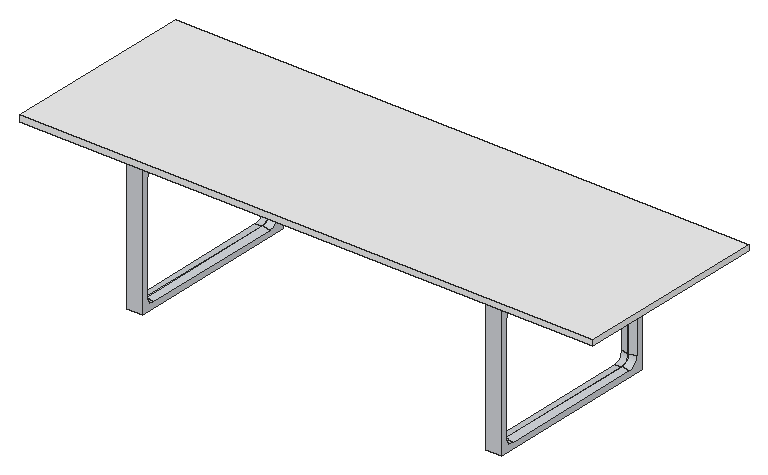
Revit family "FH Essay", category Furniture, Revit 2015
Parameters (values of type "2950")
  Width = 1000 mm
  Top = White
  Length = 2950 mm
  Leg Spacing = 1850 mm
  Frame = none
  Feet = none
Types (4, lengths in mm): name | Length | Leg Spacing
  2950 | 2950 | 1850
  2650 | 2650 | 1440
  2250 | 2250 | 1320
  1900 | 1900 | 1320
Reference planes
  plane 1 "Center (Front/Back)": y = 0
  plane 2: z = 0
  plane 3 "Center (Left/Right)": x = 0
  plane 4: y = 500
  plane 5: y = -500
  plane 6 "Top": z = 740
  plane 7: x = -925
  plane 8: x = 925
  plane 9: x = -1475
  plane 10: x = 1475
Forms (mm)
  Extrusion 1, solid, material "White" <- "Top"
    sketch origin (0, 0, 740) x (0, 1, 0) y (-1, 0, 0)
      loop
        line (500, 1475) -> (-500, 1475) -> (-500, -1475) -> (500, -1475) -> (500, 1475)
    from 0 to -30
Text (mm)
  text "1440" at (207.473, -1547.418, 0), in view "Ref. Level"
  text "1850" at (207.473, -1707.418, 0), in view "Ref. Level"
  text "2650" at (207.473, 1532.582, 0), in view "Ref. Level"
  text "2950" at (207.473, 1652.582, 0), in view "Ref. Level"
Dimensions and locks
  equal spacing: plane 5, plane 1 "Center (Front/Back)", plane 4
  "Width": plane 5 to plane 4
  plane 6 "Top" to level = 740 mm
  equal spacing: plane 9, plane 3 "Center (Left/Right)", plane 10
  "Length": plane 9 to plane 10
  equal spacing: plane 7, plane 3 "Center (Left/Right)", plane 8
  "Leg Spacing": plane 7 to plane 8
  aligned and locked: level to plane 2
  aligned and locked: plane 7 to nested 1
  aligned and locked: plane 8 to nested 2
Automatic sketch dimensions
  Extrusion 1 sketch curve to plane 5 = 0 mm
  plane 4 to Extrusion 1 sketch curve = 0 mm
  Extrusion 1 sketch curve to plane 10 = 0 mm
  Extrusion 1 sketch curve to plane 9 = 0 mm
Nested families
  nested 1: "Leg" at (-925, 0, 0), type "Family7"
  nested 2: "Leg" at (925, 0, 0), type "Family7"
Definition of nested family "Leg"
  Parameters
    Frame = none
    Feet = none
  Reference planes
    plane 1 "Center (Front/Back)": y = 0
    plane 2: z = 0
    plane 3 "Center (Left/Right)": x = 0
    plane 4: y = 450
    plane 5: y = -450
    plane 6: z = 690
  Forms (mm)
    Extrusion 1, solid, material <- "Frame"
      sketch origin (0, 0, 0) x (0, 1, 0) y (0, 0, 1)
        loop
          line (450, 690) -> (-450, 690) -> (-450, 5) -> (450, 5) -> (450, 690)
        loop
          line (415, 80) -> (415, 615)
          arc (415, 615) -> (403.284, 643.284) -> (375, 655) r 40
          line (375, 655) -> (-375, 655)
          arc (-375, 655) -> (-403.284, 643.284) -> (-415, 615) r 40
          line (-415, 615) -> (-415, 80)
          arc (-415, 80) -> (-403.284, 51.716) -> (-375, 40) r 40
          line (-375, 40) -> (375, 40)
          arc (375, 40) -> (403.284, 51.716) -> (415, 80) r 40
      from -40 to 40
    Sweep 2, void
      path origin (0, 0, 0) x (0, 1, 0) y (0, 0, 1)
        loop
          arc (415, 615) -> (403.284, 643.284) -> (375, 655) r 40
          line (375, 655) -> (-375, 655)
          arc (-375, 655) -> (-403.284, 643.284) -> (-415, 615) r 40
          line (-415, 615) -> (-415, 80)
          arc (-415, 80) -> (-403.284, 51.716) -> (-375, 40) r 40
          line (-375, 40) -> (375, 40)
          arc (375, 40) -> (403.284, 51.716) -> (415, 80) r 40
          line (415, 80) -> (415, 615)
      profile origin (0, 415, 347.5) x (1, 0, 0) y (0, 1, 0)
        loop
          line (-1.621, 1.319) -> (-41.013, 8.265) -> (-41.013, -3.881) -> (41.013, -3.881) -> (41.013, 8.265) -> (1.621, 1.319) -> (-1.621, 1.319)
    Extrusion 3, solid, material <- "Frame"
      sketch origin (0, 0, 0) x (1, 0, 0) y (0, 1, 0)
        loop
          line (34, -370.261) -> (34, 370.261)
          arc (34, 370.261) -> (0, 404.261) -> (-34, 370.261) r 34
          line (-34, 370.261) -> (-34, -370.261)
          arc (-34, -370.261) -> (0, -404.261) -> (34, -370.261) r 34
      from 690 to 710
    Extrusion 4, solid, material <- "Feet"
      sketch origin (-656.711, 0, 0) x (1, 0, 0) y (0, 1, 0)
        loop
          line (646.711, 420.635) -> (646.711, 395.635)
          arc (646.711, 395.635) -> (656.711, 385.635) -> (666.711, 395.635) r 10
          line (666.711, 395.635) -> (666.711, 420.635)
          arc (666.711, 420.635) -> (656.711, 430.635) -> (646.711, 420.635) r 10
      from 0 to 5
    Extrusion 5, solid, material <- "Feet"
      sketch origin (-656.711, 0, 0) x (1, 0, 0) y (0, 1, 0)
        loop
          arc (646.711, -420.635) -> (656.711, -430.635) -> (666.711, -420.635) r 10
          line (666.711, -420.635) -> (666.711, -395.635)
          arc (666.711, -395.635) -> (656.711, -385.635) -> (646.711, -395.635) r 10
          line (646.711, -395.635) -> (646.711, -420.635)
      from 0 to 5
  Cuts and joins
    Sweep 2 cuts Extrusion 1
  Dimensions and locks
    aligned and locked: level to plane 2
    aligned and locked: plane 6 to Extrusion 1 sketch curve
    aligned and locked: Extrusion 1 sketch curve to plane 4
    aligned and locked: Extrusion 1 sketch curve to plane 5
